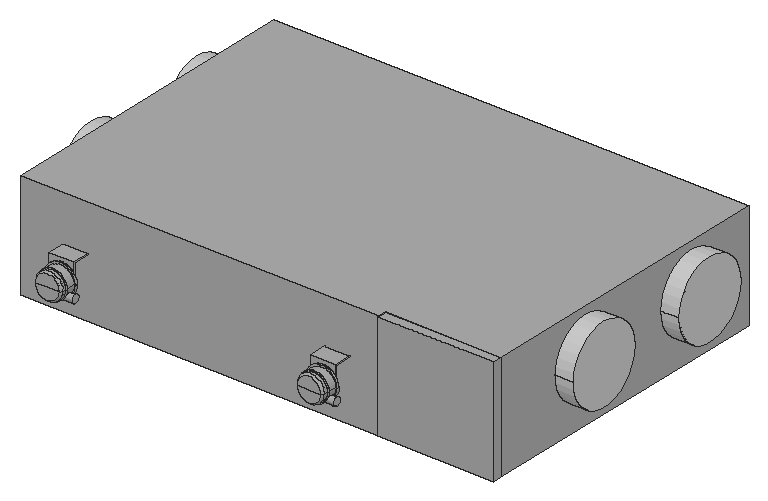
Revit family "BLAUBERG-KOMFORT_EC_DBE_550_Right", category Mechanical Equipment, Revit 2019
Family settings
  Round Connector Dimension = Use Diameter
  Classification = None
  Part Type = Normal
  OmniClass Number = 23.75.35.14
  OmniClass Title = Air Handling Units
  Work Plane-Based = No
  Always vertical = Yes
  Cut with Voids When Loaded = No
  Shared = No
  Room Calculation Point = No
Parameters (values of type "KOMFORT EC DBE 550 R S21")
  Weight = 67.00 kg
  LDrainCon = 28 mm
  Heater power = 2000 W
  Maximum Unit Power Without Electric Heater = 297 W
  Maximum Unit Current Without Electric Heater = 2.4 A
  Maximum Unit Current With Electric Heater = 11.1 A
  Heat Exchanger Material = "polystyrene"
  LDuctCon = 50 mm  # constant formula
  HDrainCon = 31 mm
  H = 280 mm
  Front Maintenance Zone Width = H  # 280 mm
  Front Maintenance Zone Length = L  # 1238 mm
  ElBoxB1 = 22 mm
  ElBoxB = 24 mm
  ElBoxL = 302 mm
  DrainPipe = yes
  DrainD = if(Drain Connection Diameter = 0 mm, 1 mm, Drain Connection Diameter)  # 14 mm
  Drain Flow [instance] = 0.0 L/s
  Drain Connection Diameter = 14 mm
  LDrainCon2 = 437 mm
  LDrainCon1 = 280 mm
  DPS_H = 170 mm
  DPS_L2 = 410 mm
  DPS_L1 = 145 mm
  B2 = 188 mm
  Air Flow Factor [instance] = 1  # constant formula
  B1 = 295 mm
  Air Flow Exhaust [instance] = 0 m³/h
  L = 1238 mm
  Voltage = 230 V
  URL = "https://blaubergventilatoren.de/en/product/komfort-ec-dbe-550-r-s21"
  Type Comments = "Air Handling Unit KOMFORT EC DBE 550 R S21"
  Transported Air Temperature (°C) = "-25…+40"
  Supply Air Filter = "G4 (F7 option)"
  Sound Pressure Level at 3 m (dBA) = 30
  SEC Class = "A"
  RPM (min-1) = 3100
  Power Factor = 1
  Power = Maximum Unit Power Without Electric Heater + Heater power  # 2297 W
  Number of Poles = 1
  Model = "KOMFORT EC DBE 550 R S21"
  Maximum Air Flow = 620 m³/h
  Manufacturer = "Blauberg"
  Maintenance Zone Material = Maintenance Zone
  Front Maintenance Zone Height = 850 mm
  Maintenance Zone [instance] = no
  Load Classification = HVAC
  B = 828 mm
  Heat recovery efficiency (%) = "78..90"
  Heat Exchanger Type = "counter-flow"
  H1 = 118 mm
  Metal Material = Metal Zinc
  Family Version = "1.0"  # constant formula
  Extract Air Filter = "G4"
  Duct Connection Diameter = 200 mm
  Description = "Air Handling Unit"
  D = Duct Connection Diameter  # 200 mm
  Current = Maximum Unit Current With Electric Heater  # 11.1 A
  Copyright = "©Blauberg"
  Casing Material = Painted Steel Gray
  Apparent Power [instance] = Power / Power Factor  # 2297 VA
  Air Flow Supply [instance] = 0 m³/h
Types (2, lengths in mm): name | Heat Exchanger Material | DrainPipe | DrainD | Drain Connection Diameter | URL | Type Comments | Model | Heat recovery efficiency (%)
  KOMFORT EC DBE 550 R S21 | "polystyrene" | yes | 14 | 14 | "https://blaubergventilatoren.de/en/product/komfort-ec-dbe-550-r-s21" | "Air Handling Unit KOMFORT EC DBE 550 R S21" | "KOMFORT EC DBE 550 R S21" | "78..90"
  KOMFORT EC DBE 550-E R S21 | "enthalpy" | no | 1 | 0 | "https://blaubergventilatoren.de/en/product/komfort-ec-dbe-550-e-r-s21" | "Air Handling Unit KOMFORT EC DBE 550-E R S21" | "KOMFORT EC DBE 550-E R S21" | "69..87"
Reference planes
  plane 1 "Center (Front/Back)": y = 0
  plane 2: z = 0
  plane 3 "Center (Left/Right)": x = 0
  plane 4 "Back": y = 414
  plane 5 "Front": y = -414
  plane 6 "L": x = -619
  plane 7 "R": x = 619
  plane 8 "DuctConB2": y = 226
  plane 9 "DuctConB1": y = -119
  plane 10: x = -669
  plane 11: x = 669
  plane 12 "Top": z = 118
  plane 13 "Bottom": z = -162
  plane 14 "DrainConH": z = -131
  plane 15 "DrainConL1": x = -339
  plane 16 "DrainConL2": x = 182
  plane 17 "S": y = 442
  plane 18 "ElBox": y = -392
  plane 19: y = -416
  plane 20: x = 317
  plane 21 "DPSL1": x = 209
  plane 22 "DPSL2": x = -474
  plane 23 "DPS_H": z = -52
Forms (mm)
  Extrusion 1, solid, material "Painted Steel Gray" <- "Casing Material", detail levels medium+fine
    sketch origin (0, 0, 0) x (1, 0, 0) y (0, 1, 0)
      loop
        line (-619, 414) -> (-619, -414) -> (317, -414) -> (317, -392) -> (619, -392) -> (619, 414) -> (-619, 414)
    from -162 to 118
  Extrusion 2, solid, material "Metal Zinc" <- "Metal Material", detail levels medium+fine
    sketch origin (-619, 0, 0) x (0, 1, 0) y (0, 0, 1)
      loop
        circle (226, 0) r 100
      loop
        circle (-119, 0) r 100
    from 0 to -50
  Extrusion 3, solid, material "Metal Zinc" <- "Metal Material", detail levels medium+fine
    sketch origin (619, 0, 0) x (0, 1, 0) y (0, 0, 1)
      loop
        circle (226, 0) r 100
      loop
        circle (-119, 0) r 100
    from 0 to 50
  Extrusion 4, solid, visible <- "DrainPipe", detail levels medium+fine
    sketch origin (0, 414, 0) x (-1, 0, 0) y (0, 0, 1)
      loop
        circle (339, -131) r 7
    from 0 to 28
  Extrusion 5, solid, visible <- "DrainPipe", detail levels medium+fine
    sketch origin (0, 414, 0) x (-1, 0, 0) y (0, 0, 1)
      loop
        circle (-182, -131) r 7
    from 0 to 28
  Extrusion 6, solid, material "Painted Steel Gray" <- "Casing Material", detail levels medium+fine
    sketch origin (0, 0, 0) x (1, 0, 0) y (0, 1, 0)
      loop
        line (317, -416) -> (619, -416) -> (619, -392) -> (317, -392) -> (317, -416)
    from -162 to 118
Lines and regions (mm)
  model lines, detail levels coarse
    curve 1: line (-619, 414, 0) -> (619, 414, 0)
    curve 2: line (-619, -414, 0) -> (-619, 414, 0)
    curve 3: line (619, -414, 0) -> (-619, -414, 0)
    curve 4: line (619, 414, 0) -> (619, -414, 0)
    curve 5: line (-619, 226, 0) -> (-669, 226, 0)
    curve 6: line (-619, -119, 0) -> (-669, -119, 0)
    curve 7: line (619, -119, 0) -> (669, -119, 0)
    curve 8: line (619, 226, 0) -> (669, 226, 0)
Dimensions and locks
  equal spacing: plane 6 "L", plane 3 "Center (Left/Right)", plane 7 "R"
  "L": plane 6 "L" to plane 7 "R"
  equal spacing: plane 4 "Back", plane 1 "Center (Front/Back)", plane 5 "Front"
  "B": plane 4 "Back" to plane 5 "Front"
  "B2": plane 4 "Back" to plane 8 "DuctConB2"
  "B1": plane 9 "DuctConB1" to plane 5 "Front"
  "LDuctCon": plane 10 to plane 6 "L"
  "LDuctCon": plane 7 "R" to plane 11
  "H1": plane 12 "Top" to level
  "H": plane 12 "Top" to plane 13 "Bottom"
  "HDrainCon": plane 14 "DrainConH" to plane 13 "Bottom"
  "LDrainCon1": plane 6 "L" to plane 15 "DrainConL1"
  "LDrainCon2": plane 16 "DrainConL2" to plane 7 "R"
  "ElBoxL": plane 20 to plane 7 "R"
  "DPS_L1": plane 6 "L" to plane 22 "DPSL2"
  "DPS_L2": plane 21 "DPSL1" to plane 7 "R"
  "DPS_H": plane 12 "Top" to plane 23 "DPS_H"
  "LDrainCon": plane 17 "S" to plane 4 "Back"
  "ElBoxB1": plane 18 "ElBox" to plane 5 "Front"
  "ElBoxB": plane 18 "ElBox" to plane 19
  "D": diameter of Extrusion 2 sketch curve  (x2)
  "D": diameter of Extrusion 3 sketch curve  (x2)
  "DrainD": diameter of Extrusion 4 sketch curve
  "DrainD": diameter of Extrusion 5 sketch curve
  aligned and locked: level to plane 2
  aligned and locked: Extrusion 1 sketch curve to plane 4 "Back"
  aligned and locked: plane 6 "L" to Extrusion 1 sketch curve
  aligned and locked: plane 5 "Front" to Extrusion 1 sketch curve
  aligned and locked: plane 12 "Top" to Extrusion 1
  aligned and locked: Extrusion 1 to plane 13 "Bottom"
  aligned and locked: plane 11 to Extrusion 3
  aligned and locked: Extrusion 2 to plane 10
  aligned and locked: Extrusion 4 to plane 17 "S"
  aligned and locked: Extrusion 5 to plane 17 "S"
  aligned and locked: Extrusion 6 sketch curve to plane 19
  aligned and locked: plane 18 "ElBox" to Extrusion 6 sketch curve
  aligned and locked: Extrusion 6 sketch curve to plane 7 "R"
  aligned and locked: plane 12 "Top" to Extrusion 6
  aligned and locked: Extrusion 6 to plane 13 "Bottom"
  aligned and locked: plane 20 to Extrusion 6 sketch curve
  aligned and locked: nested 1 to plane 3 "Center (Left/Right)"
  aligned and locked: plane 12 "Top" to nested 1
  aligned and locked: curve 3 to Extrusion 1
  aligned and locked: plane 10 to curve 5
  aligned and locked: plane 6 "L" to curve 5
  aligned and locked: plane 8 "DuctConB2" to curve 5
  aligned and locked: plane 10 to curve 6
  aligned and locked: plane 6 "L" to curve 6
  aligned and locked: plane 9 "DuctConB1" to curve 6
  aligned and locked: plane 11 to curve 7
  aligned and locked: plane 7 "R" to curve 7
  aligned and locked: curve 7 to plane 9 "DuctConB1"
  aligned and locked: plane 11 to curve 8
  aligned and locked: curve 8 to plane 8 "DuctConB2"
  aligned and locked: plane 20 to Extrusion 1 sketch curve
  aligned and locked: plane 7 "R" to Extrusion 1 sketch curve
  aligned and locked: Extrusion 1 sketch curve to plane 18 "ElBox"
  aligned and locked: Extrusion 1 sketch curve to plane 20
  aligned and locked: nested 1 to plane 5 "Front"
  aligned and locked: nested 2 to plane 23 "DPS_H"
  aligned and locked: plane 22 "DPSL2" to nested 2
  aligned and locked: nested 3 to plane 23 "DPS_H"
  aligned and locked: plane 21 "DPSL1" to nested 3
Automatic sketch dimensions
  curve 2 to plane 4 "Back" = 0 mm
  Extrusion 2 sketch curve to level = 0 mm  (x2)
  Extrusion 2 sketch curve to plane 9 "DuctConB1" = 0 mm
  Extrusion 2 sketch curve to plane 8 "DuctConB2" = 0 mm
  Extrusion 3 sketch curve to level = 0 mm  (x2)
  Extrusion 3 sketch curve to plane 9 "DuctConB1" = 0 mm
  Extrusion 3 sketch curve to plane 8 "DuctConB2" = 0 mm
  Extrusion 4 sketch curve to plane 14 "DrainConH" = 0 mm
  Extrusion 4 sketch curve to plane 15 "DrainConL1" = 0 mm
  Extrusion 5 sketch curve to plane 14 "DrainConH" = 0 mm
  Extrusion 5 sketch curve to plane 16 "DrainConL2" = 0 mm
Nested families
  nested 1: "MaintenanceZone_Rect" at (0, -1264, -22) x (-1, 0, 0) z (0, -1, 0), visible <- "Maintenance Zone", type "Side", detail levels medium+fine
    with Maintenance Zone Width 280 mm, Maintenance Zone Length 1238 mm, Maintenance Zone Height 850 mm
  nested 2: "DPS" at (-474, -414, -52) x (1, 0, 0) z (0, -1, 0), type "DPS", detail levels medium+fine
  nested 3: "DPS" at (209, -414, -52) x (1, 0, 0) z (0, -1, 0), type "DPS", detail levels medium+fine
Connectors
  electrical at (619, -404, -22), driven by "Number of Poles", driven by "Load Classification", driven by "Voltage", driven by "Apparent Power", driven by "Power Factor"
    settings: on Extrusion 6, index 1, voltage 230 V, apparent load 2297 VA, apparent load phase1 0 VA, apparent load phase2 0 VA, apparent load phase3 0 VA, power factor 1, load classification "HVAC", number of poles 1, system type 30, power factor state 1, is connector primary yes, connector utility no, sub classification motor no, connector description ""
  hvac at (669, -119, 0), driven by "Duct Connection Diameter", driven by "Air Flow Supply"
    settings: on Extrusion 3, index 2, duct flow 0 m³/h, flow factor 0, pres drop 0.0 Pa, loss coef 0, conn angle 0.00°, conn width 304.8 mm, conn height 304.8 mm, conn diameter 200 mm, duct sys type 3, conn prof type 0, flow config 0, flow direction 1, loss method 0, conn ref index -1, conn util no, is conn primary yes, conn desc "Extract Air"
  hvac at (669, 226, 0), driven by "Duct Connection Diameter", driven by "Air Flow Exhaust"
    settings: on Extrusion 3, index 3, duct flow 0 m³/h, flow factor 0, pres drop 0.0 Pa, loss coef 0, conn angle 0.00°, conn width 304.8 mm, conn height 304.8 mm, conn diameter 200 mm, duct sys type 1, conn prof type 0, flow config 0, flow direction 2, loss method 0, conn ref index -1, conn util no, is conn primary no, conn desc "Supply Air"
  hvac at (-669, 226, 0), driven by "Duct Connection Diameter", driven by "Air Flow Supply"
    settings: on Extrusion 2, index 4, duct flow 0 m³/h, flow factor 0, pres drop 0.0 Pa, loss coef 0, conn angle 0.00°, conn width 304.8 mm, conn height 304.8 mm, conn diameter 200 mm, duct sys type 3, conn prof type 0, flow config 1, flow direction 2, loss method 0, conn ref index -1, conn util no, is conn primary no, conn desc "Exhaust Air"
  hvac at (-669, -119, 0), driven by "Duct Connection Diameter", driven by "Air Flow Exhaust"
    settings: on Extrusion 2, index 5, duct flow 0 m³/h, flow factor 0, pres drop 0.0 Pa, loss coef 0, conn angle 0.00°, conn width 304.8 mm, conn height 304.8 mm, conn diameter 200 mm, duct sys type 1, conn prof type 0, flow config 1, flow direction 1, loss method 0, conn ref index -1, conn util no, is conn primary no, conn desc "Intake Air"
  piping at (-339, 442, -131), diameter 14, driven by "Drain Connection Diameter", driven by "Drain Flow"
    settings: on Extrusion 4, index 6, connector inside diameter 609.6 mm, connector length 0 mm, flow factor 0, pipe flow 0.0 L/s, pressure drop 0.0 Pa, fitting loss kfactor 0, connector angle 0.00°, fixture units 0, engagement length 0 mm, angle of deflection 0.00°, flow configuration 1, flow direction 2, fitting loss method 0, system type 16, joint type 0, gender type 0, connector reference index -1, connector utility 0, adjustable connector no, is connector primary yes, connector description ""
  piping at (182, 442, -131), diameter 14, driven by "Drain Connection Diameter", driven by "Drain Flow"
    settings: on Extrusion 5, index 7, connector inside diameter 609.6 mm, connector length 0 mm, flow factor 0, pipe flow 0.0 L/s, pressure drop 0.0 Pa, fitting loss kfactor 0, connector angle 0.00°, fixture units 0, engagement length 0 mm, angle of deflection 0.00°, flow configuration 1, flow direction 2, fitting loss method 0, system type 16, joint type 0, gender type 0, connector reference index -1, connector utility 0, adjustable connector no, is connector primary no, connector description ""
Definition of nested family "MaintenanceZone_Rect"
  Parameters (values of type "MaintenanceZone_Rect")
    Maintenance Zone Width = 500 mm
    Material = none
    Maintenance Zone Length = 1000 mm
    Maintenance Zone Height = 300 mm
    Family Version = ""
    Default Elevation = 1219.2 mm
    Copyright = ""
  Reference planes
    plane 1 "Center (Front/Back)": y = 0
    plane 2: z = 0
    plane 3 "Center (Left/Right)": x = 0
    plane 4: x = -500
    plane 5: x = 500
    plane 6: y = 250
    plane 7: y = -250
    plane 8: z = -300
  Forms (mm)
    Extrusion 1, solid, material <- "Material", detail levels medium+fine
      sketch origin (0, 0, 0) x (1, 0, 0) y (0, 1, 0)
        loop
          line (-500, 250) -> (-500, -250) -> (500, -250) -> (500, 250) -> (-500, 250)
      from 0 to -300
  Lines and regions (mm)
    symbolic lines, detail levels medium+fine
      curve 1: line (-500, 0, 0) -> (500, 0, 0)
      curve 2: line (-500, 0, -300) -> (-500, 0, 0)
      curve 3: line (500, 0, -300) -> (-500, 0, -300)
      curve 4: line (500, 0, 0) -> (500, 0, -300)
      curve 5: line (0, 250, 0) -> (0, -250, 0)
      curve 6: line (0, 250, -300) -> (0, 250, 0)
      curve 7: line (0, -250, -300) -> (0, 250, -300)
      curve 8: line (0, -250, 0) -> (0, -250, -300)
      curve 9: line (-500, 250, 0) -> (500, 250, 0)
      curve 10: line (-500, -250, 0) -> (-500, 250, 0)
      curve 11: line (500, -250, 0) -> (-500, -250, 0)
      curve 12: line (500, 250, 0) -> (500, -250, 0)
  Dimensions and locks
    equal spacing: plane 6, plane 1 "Center (Front/Back)", plane 7
    equal spacing: plane 4, plane 3 "Center (Left/Right)", plane 5
    "Maintenance Zone Width": plane 6 to plane 7
    "Maintenance Zone Length": plane 4 to plane 5
    "Maintenance Zone Height": plane 2 to plane 8
    aligned and locked: level to plane 2
    aligned and locked: Extrusion 1 sketch curve to plane 6
    aligned and locked: plane 4 to Extrusion 1 sketch curve
    aligned and locked: plane 7 to Extrusion 1 sketch curve
    aligned and locked: Extrusion 1 sketch curve to plane 5
    aligned and locked: Extrusion 1 to plane 8
    aligned and locked: curve 1 to Extrusion 1
    aligned and locked: curve 2 to Extrusion 1
    aligned and locked: curve 3 to Extrusion 1
    aligned and locked: curve 4 to Extrusion 1
    aligned and locked: curve 5 to Extrusion 1
    aligned and locked: curve 6 to Extrusion 1
    aligned and locked: curve 7 to Extrusion 1
    aligned and locked: curve 8 to Extrusion 1
    aligned and locked: curve 9 to Extrusion 1
    aligned and locked: curve 10 to Extrusion 1
    aligned and locked: curve 11 to Extrusion 1
    aligned and locked: curve 12 to Extrusion 1
Definition of nested family "DPS"
  Parameters (values of type "DPS")
    W1 = 65 mm
    Thikness = 2 mm
    Material = none
    H1 = 47 mm
    Default Elevation = 1219.2 mm
  Reference planes
    plane 1 "Center (Front/Back)": y = 0
    plane 2: z = 0
    plane 3 "Center (Left/Right)": x = 0
    plane 4: z = 47
    plane 5: z = 51.5
    plane 6: z = 75.5
    plane 7: z = 78
    plane 8: z = 92
    plane 9: z = 86
    plane 10: x = -32.5
    plane 11: x = 32.5
    plane 12 "1": y = 50
    plane 13: y = 48
    plane 14: z = 45
    plane 15 "2": y = -22
    plane 16: z = 64
  Forms (mm)
    Revolve 1, solid, material <- "Material"
      sketch origin (0, 0, 0) x (1, 0, 0) y (0, 0, 1)
        loop
          line (-40.5, 47) -> (0, 47) -> (0, 92) -> (-31, 92) -> (-35, 86) -> (-35, 78) -> (-37.309, 78) -> (-37.309, 75.5) -> (-36, 75.5) -> (-36, 51.5) -> (-40.5, 51.5) -> (-40.5, 47)
        axis (0, 92) -> (0, 47)
      angle from 0 to 360
    Extrusion 2, solid, material <- "Material"
      sketch origin (0, 0, 0) x (0, 1, 0) y (0, 0, 1)
        loop
          line (50, 0) -> (50, 47) -> (0, 47) -> (0, 45) -> (48, 45) -> (48, 0) -> (50, 0)
      from -32.5 to 32.5
    Extrusion 3, solid, material <- "Material"
      sketch origin (0, 0, 0) x (0, 1, 0) y (0, 0, 1)
        loop
          circle (-22, 64) r 10
      from 0 to 50
  Cuts and joins
    joined: Revolve 1, Extrusion 3
  Dimensions and locks
    locked: plane 5 to plane 4 at 4.5
    locked: plane 6 to plane 5 at 24
    locked: plane 7 to plane 6 at 2.5
    locked: plane 8 to plane 9 at 6
    locked: plane 9 to plane 7 at 8
    "H1": plane 4 to level
    equal spacing: plane 11, plane 3 "Center (Left/Right)", plane 10
    "W1": plane 11 to plane 10
    "Thikness": plane 4 to plane 14
    "Thikness": plane 12 "1" to plane 13
    locked: plane 1 "Center (Front/Back)" to plane 12 "1" at 50
    locked: plane 15 "2" to plane 1 "Center (Front/Back)" at 22
    plane 16 to plane 4 = 17 mm
    aligned and locked: level to plane 2
    aligned and locked: Revolve 1 sketch curve to plane 3 "Center (Left/Right)"  (x2)
    aligned and locked: plane 6 to Revolve 1 sketch curve
    aligned and locked: plane 7 to Revolve 1 sketch curve
    aligned and locked: plane 5 to Revolve 1 sketch curve
    aligned and locked: plane 8 to Revolve 1 sketch curve
    aligned and locked: Extrusion 2 sketch curve to plane 13
    aligned and locked: plane 14 to Extrusion 2 sketch curve
    aligned and locked: Extrusion 2 sketch curve to plane 1 "Center (Front/Back)"
    aligned and locked: Extrusion 2 to plane 10
    aligned and locked: plane 11 to Extrusion 2
  Automatic sketch dimensions
    Revolve 1 sketch curve to plane 4 = 0 mm
    Revolve 1 sketch curve to plane 9 = 0 mm
    Revolve 1 sketch curve to plane 3 "Center (Left/Right)" = 31 mm
    Revolve 1 sketch curve to Revolve 1 sketch curve = 4 mm
    Revolve 1 sketch curve to Revolve 1 sketch curve = 1 mm
    Revolve 1 sketch curve to Revolve 1 sketch curve = 1.309 mm
    Revolve 1 sketch curve to Revolve 1 sketch curve = 4.5 mm
    Revolve 1 sketch curve to Revolve 1 sketch curve = 27.818 mm
    Revolve 1 sketch curve to Revolve 1 sketch curve = 2.182 mm
    Extrusion 2 sketch curve to level = 0 mm
    Extrusion 2 sketch curve to plane 12 "1" = 0 mm
    Extrusion 2 sketch curve to plane 4 = 0 mm
    Extrusion 3 sketch curve to plane 15 "2" = 0 mm
    Extrusion 3 sketch curve to plane 16 = 0 mm
    radius of Extrusion 3 sketch curve = 10 mm
